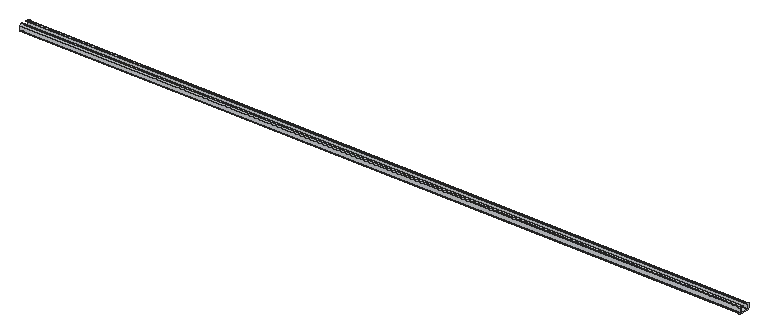
Revit family "Montageschiene 27- 18-1,25 fbv 2m Langloch 2D", category HLS-Bauteile, Revit 2023
Family settings
  Bemaßung runder Anschluss = Durchmesser verwenden
  Teiletyp = Normal
  Arbeitsebenenbasiert = Ja
  Immer vertikal = Nein
  Beim Laden mit Abzugskörper schneiden = Nein
  Beschriftungsausrichtung beibehalten = Nein
  Gemeinsam genutzt = Ja
  Raumberechnungspunkt = Nein
Parameters (values of type "Profil  27- 18-1,25 fbv L=2000")
  vpe = "20"
  Widerstandsmoment Wz = "0.67 cm³"
  Widerstandsmoment Wy = "0.31 cm³"
  Default Elevation = 1219.2 mm
  Trägheitsradius iz = "1.15 cm"
  Trägheitsradius iy = "0.65 cm"
  Torsionswiderstandsmoment Wt = " cm³"
  Stärke = 1.25 mm
  Streckgrenze = "250 N/mm²"
  Schwerpunktabstand ez = "1.35 cm"
  Schwerpunktabstand eu = "0.95 cm"
  Schwerpunktabstand eo = "0.85 cm"
  Schlitzbreite = "14.0 mm"
  Regelhalter [instance] = ""
  Profiltyp = "27/18"
  Profil = "C-Profil"
  Oberflaeche = "feuerbandverzinkt"
  Montagelänge [instance] = 2000 mm
  Mengeneinheit = "m"
  Materialname = "S250"
  Material = "Stahl"
  Länge = 2000 mm
  Lochdurchmesser = " mm"
  Langloch = "10.5 x 38.5 mm"
  Kurztext2 = "27 / 18 / 1,25 mm L= 2 m fbv"
  Kurztext1 = "Montageschiene C-Profil"
  Höhe = "18 mm"
  Gewicht pro Stück [instance] = (Gewicht * Montagelänge / (1000 mm * 1000 mm)) * 1000 mm  # 1.20 kg
  Gewicht pro Bauteil [instance] = Gewicht pro Stück  # 1.20 kg
  Gewicht = 0.60 kg
  Gesamtlänge [instance] = Montagelänge  # 2000 mm
  Gesamtgewicht [instance] = Gewicht pro Bauteil  # 1.20 kg
  Fläche (schwächster Profilquerschnitt) = 0.000068 m²
  Firma = "MEFA Befestigungs- und Montagesysteme GmbH"
  Fabrikat = "MEFA"
  Erweiterung Langloch = " mm"
  EAN = "4250928424259"
  Bund = "800 m"
  Breite = 27 mm
  Artikelnummer = "1240013"
  Anzahl Langloch [instance] = Montagelänge / 52.5 mm  # 38
  Abmessung = "27/18/1.25 mm"
Reference planes
  plane 1 "Mitte (Vorne/hinten)": y = 0
  plane 2: z = 0
  plane 3 "Mitte (Links/rechts)": x = 0
  plane 4: x = 2000
Forms (mm)
  Extrusion 1, solid, detail levels fine
    sketch origin (0, 0, 0) x (0, 1, 0) y (0, 0, 1)
      loop
        line (-11, 0) -> (11, 0)
        arc (11, 0) -> (12.768, 0.732) -> (13.5, 2.5) r 2.5
        line (13.5, 2.5) -> (13.5, 15.465)
        arc (13.5, 15.465) -> (12.758, 17.258) -> (10.965, 18) r 2.535
        line (10.965, 18) -> (7, 18) -> (7, 16.75) -> (11, 16.75)
        arc (11, 16.75) -> (11.884, 16.384) -> (12.25, 15.5) r 1.25
        line (12.25, 15.5) -> (12.25, 2.5)
        arc (12.25, 2.5) -> (11.884, 1.616) -> (11, 1.25) r 1.25
        line (11, 1.25) -> (-11, 1.25)
        arc (-11, 1.25) -> (-11.884, 1.616) -> (-12.25, 2.5) r 1.25
        line (-12.25, 2.5) -> (-12.25, 15.5)
        arc (-12.25, 15.5) -> (-11.884, 16.384) -> (-11, 16.75) r 1.25
        line (-11, 16.75) -> (-7, 16.75) -> (-7, 18) -> (-10.965, 18)
        arc (-10.965, 18) -> (-12.758, 17.258) -> (-13.5, 15.465) r 2.535
        line (-13.5, 15.465) -> (-13.5, 2.5)
        arc (-13.5, 2.5) -> (-12.768, 0.732) -> (-11, 0) r 2.5
    from 0 to 2000
  Extrusion 2, solid, detail levels medium
    sketch origin (0, 0, 0) x (0, 1, 0) y (0, 0, 1)
      loop
        line (-13.5, 0) -> (13.5, 0) -> (13.5, 18) -> (7, 18) -> (7, 16.75) -> (12.25, 16.75) -> (12.25, 1.25) -> (-12.25, 1.25) -> (-12.25, 16.75) -> (-7, 16.75) -> (-7, 18) -> (-13.5, 18) -> (-13.5, 0)
    from 0 to 2000
  Extrusion 3, solid, detail levels coarse
    sketch origin (0, 0, 0) x (0, 1, 0) y (0, 0, 1)
      loop
        line (-13.5, 0) -> (13.5, 0) -> (13.5, 18) -> (-13.5, 18) -> (-13.5, 0)
    from 0 to 2000
Dimensions and locks
  "Montagelänge": plane 4 to plane 3 "Mitte (Links/rechts)"
  equal spacing: group 1, group 2, group 3, group 4, group 5, group 6, group 7, group 8, group 9, group 10, group 11, group 12, group 13, group 14, group 15, group 16, group 17, group 18, group 19, group 20, group 21, group 22, group 23, group 24, group 25, group 26, group 27, group 28, group 29, group 30, group 31, group 32, group 33, group 34, group 35, group 36, group 37, group 38  (x3)
  aligned and locked: level to plane 2
  aligned and locked: plane 4 to Extrusion 1
  aligned and locked: Extrusion 1 to plane 3 "Mitte (Links/rechts)"
  aligned and locked: Extrusion 1 to plane 4
  aligned and locked: plane 3 "Mitte (Links/rechts)" to Extrusion 1
  aligned and locked: plane 4 to Extrusion 3
  aligned and locked: Extrusion 3 to plane 3 "Mitte (Links/rechts)"
  aligned and locked: plane 4 to Extrusion 2
  aligned and locked: Extrusion 2 to plane 3 "Mitte (Links/rechts)"
  aligned and locked: Extrusion 3 to plane 4
  aligned and locked: plane 3 "Mitte (Links/rechts)" to Extrusion 3
  aligned and locked: nested 1 to plane 1 "Mitte (Vorne/hinten)"
Automatic sketch dimensions
  Extrusion 1 sketch curve to Extrusion 1 sketch curve = 0 mm  (x4)
  Extrusion 1 sketch curve to level = 0 mm
  level to Extrusion 1 sketch curve = 2.5 mm
  Extrusion 1 sketch curve to Extrusion 1 sketch curve = 1.25 mm  (x3)
  Extrusion 1 sketch curve to Extrusion 1 sketch curve = 0.035 mm  (x4)
  Extrusion 1 sketch curve to Extrusion 1 sketch curve = 3.965 mm  (x2)
  Extrusion 1 sketch curve to plane 1 "Mitte (Vorne/hinten)" = 7 mm
  Extrusion 1 sketch curve to plane 1 "Mitte (Vorne/hinten)" = 11 mm
  Extrusion 1 sketch curve to Extrusion 1 sketch curve = 12.965 mm  (x2)
  plane 1 "Mitte (Vorne/hinten)" to Extrusion 1 sketch curve = 7 mm
  plane 1 "Mitte (Vorne/hinten)" to Extrusion 2 sketch curve = 13.5 mm
  Extrusion 2 sketch curve to Extrusion 2 sketch curve = 6.5 mm
  Extrusion 2 sketch curve to plane 1 "Mitte (Vorne/hinten)" = 7 mm
  level to Extrusion 2 sketch curve = 1.25 mm
  Extrusion 2 sketch curve to Extrusion 2 sketch curve = 1.25 mm  (x4)
  Extrusion 2 sketch curve to Extrusion 2 sketch curve = 5.25 mm
  Extrusion 2 sketch curve to Extrusion 2 sketch curve = 0 mm
  Extrusion 2 sketch curve to Extrusion 2 sketch curve = 15.5 mm
  Extrusion 2 sketch curve to level = 0 mm
  Extrusion 3 sketch curve to level = 0 mm
  plane 1 "Mitte (Vorne/hinten)" to Extrusion 3 sketch curve = 13.5 mm
  Extrusion 3 sketch curve to Extrusion 3 sketch curve = 18 mm
  Extrusion 3 sketch curve to Extrusion 3 sketch curve = 27 mm
Nested families
  nested 1: "Langloch 10,5 x 38,5 2D" at (26.25, 0, 0) x (1, 0, 0) z (0, 0, -1), type "Langloch 10,5 x 38,5 2D", detail levels fine
  nested 2: "Langloch 10,5 x 38,5 2D" at (78.75, 0, 0) x (1, 0, 0) z (0, 0, -1), type "Langloch 10,5 x 38,5 2D", detail levels fine
  nested 3: "Langloch 10,5 x 38,5 2D" at (131.25, 0, 0) x (1, 0, 0) z (0, 0, -1), type "Langloch 10,5 x 38,5 2D", detail levels fine
  nested 4: "Langloch 10,5 x 38,5 2D" at (183.75, 0, 0) x (1, 0, 0) z (0, 0, -1), type "Langloch 10,5 x 38,5 2D", detail levels fine
  nested 5: "Langloch 10,5 x 38,5 2D" at (236.25, 0, 0) x (1, 0, 0) z (0, 0, -1), type "Langloch 10,5 x 38,5 2D", detail levels fine
  nested 6: "Langloch 10,5 x 38,5 2D" at (288.75, 0, 0) x (1, 0, 0) z (0, 0, -1), type "Langloch 10,5 x 38,5 2D", detail levels fine
  nested 7: "Langloch 10,5 x 38,5 2D" at (341.25, 0, 0) x (1, 0, 0) z (0, 0, -1), type "Langloch 10,5 x 38,5 2D", detail levels fine
  nested 8: "Langloch 10,5 x 38,5 2D" at (393.75, 0, 0) x (1, 0, 0) z (0, 0, -1), type "Langloch 10,5 x 38,5 2D", detail levels fine
  nested 9: "Langloch 10,5 x 38,5 2D" at (446.25, 0, 0) x (1, 0, 0) z (0, 0, -1), type "Langloch 10,5 x 38,5 2D", detail levels fine
  nested 10: "Langloch 10,5 x 38,5 2D" at (498.75, 0, 0) x (1, 0, 0) z (0, 0, -1), type "Langloch 10,5 x 38,5 2D", detail levels fine
  nested 11: "Langloch 10,5 x 38,5 2D" at (551.25, 0, 0) x (1, 0, 0) z (0, 0, -1), type "Langloch 10,5 x 38,5 2D", detail levels fine
  nested 12: "Langloch 10,5 x 38,5 2D" at (603.75, 0, 0) x (1, 0, 0) z (0, 0, -1), type "Langloch 10,5 x 38,5 2D", detail levels fine
  nested 13: "Langloch 10,5 x 38,5 2D" at (656.25, 0, 0) x (1, 0, 0) z (0, 0, -1), type "Langloch 10,5 x 38,5 2D", detail levels fine
  nested 14: "Langloch 10,5 x 38,5 2D" at (708.75, 0, 0) x (1, 0, 0) z (0, 0, -1), type "Langloch 10,5 x 38,5 2D", detail levels fine
  nested 15: "Langloch 10,5 x 38,5 2D" at (761.25, 0, 0) x (1, 0, 0) z (0, 0, -1), type "Langloch 10,5 x 38,5 2D", detail levels fine
  nested 16: "Langloch 10,5 x 38,5 2D" at (813.75, 0, 0) x (1, 0, 0) z (0, 0, -1), type "Langloch 10,5 x 38,5 2D", detail levels fine
  nested 17: "Langloch 10,5 x 38,5 2D" at (866.25, 0, 0) x (1, 0, 0) z (0, 0, -1), type "Langloch 10,5 x 38,5 2D", detail levels fine
  nested 18: "Langloch 10,5 x 38,5 2D" at (918.75, 0, 0) x (1, 0, 0) z (0, 0, -1), type "Langloch 10,5 x 38,5 2D", detail levels fine
  nested 19: "Langloch 10,5 x 38,5 2D" at (971.25, 0, 0) x (1, 0, 0) z (0, 0, -1), type "Langloch 10,5 x 38,5 2D", detail levels fine
  nested 20: "Langloch 10,5 x 38,5 2D" at (1023.75, 0, 0) x (1, 0, 0) z (0, 0, -1), type "Langloch 10,5 x 38,5 2D", detail levels fine
  nested 21: "Langloch 10,5 x 38,5 2D" at (1076.25, 0, 0) x (1, 0, 0) z (0, 0, -1), type "Langloch 10,5 x 38,5 2D", detail levels fine
  nested 22: "Langloch 10,5 x 38,5 2D" at (1128.75, 0, 0) x (1, 0, 0) z (0, 0, -1), type "Langloch 10,5 x 38,5 2D", detail levels fine
  nested 23: "Langloch 10,5 x 38,5 2D" at (1181.25, 0, 0) x (1, 0, 0) z (0, 0, -1), type "Langloch 10,5 x 38,5 2D", detail levels fine
  nested 24: "Langloch 10,5 x 38,5 2D" at (1233.75, 0, 0) x (1, 0, 0) z (0, 0, -1), type "Langloch 10,5 x 38,5 2D", detail levels fine
  nested 25: "Langloch 10,5 x 38,5 2D" at (1286.25, 0, 0) x (1, 0, 0) z (0, 0, -1), type "Langloch 10,5 x 38,5 2D", detail levels fine
  nested 26: "Langloch 10,5 x 38,5 2D" at (1338.75, 0, 0) x (1, 0, 0) z (0, 0, -1), type "Langloch 10,5 x 38,5 2D", detail levels fine
  nested 27: "Langloch 10,5 x 38,5 2D" at (1391.25, 0, 0) x (1, 0, 0) z (0, 0, -1), type "Langloch 10,5 x 38,5 2D", detail levels fine
  nested 28: "Langloch 10,5 x 38,5 2D" at (1443.75, 0, 0) x (1, 0, 0) z (0, 0, -1), type "Langloch 10,5 x 38,5 2D", detail levels fine
  nested 29: "Langloch 10,5 x 38,5 2D" at (1496.25, 0, 0) x (1, 0, 0) z (0, 0, -1), type "Langloch 10,5 x 38,5 2D", detail levels fine
  nested 30: "Langloch 10,5 x 38,5 2D" at (1548.75, 0, 0) x (1, 0, 0) z (0, 0, -1), type "Langloch 10,5 x 38,5 2D", detail levels fine
  nested 31: "Langloch 10,5 x 38,5 2D" at (1601.25, 0, 0) x (1, 0, 0) z (0, 0, -1), type "Langloch 10,5 x 38,5 2D", detail levels fine
  nested 32: "Langloch 10,5 x 38,5 2D" at (1653.75, 0, 0) x (1, 0, 0) z (0, 0, -1), type "Langloch 10,5 x 38,5 2D", detail levels fine
  nested 33: "Langloch 10,5 x 38,5 2D" at (1706.25, 0, 0) x (1, 0, 0) z (0, 0, -1), type "Langloch 10,5 x 38,5 2D", detail levels fine
  nested 34: "Langloch 10,5 x 38,5 2D" at (1758.75, 0, 0) x (1, 0, 0) z (0, 0, -1), type "Langloch 10,5 x 38,5 2D", detail levels fine
  nested 35: "Langloch 10,5 x 38,5 2D" at (1811.25, 0, 0) x (1, 0, 0) z (0, 0, -1), type "Langloch 10,5 x 38,5 2D", detail levels fine
  nested 36: "Langloch 10,5 x 38,5 2D" at (1863.75, 0, 0) x (1, 0, 0) z (0, 0, -1), type "Langloch 10,5 x 38,5 2D", detail levels fine
  nested 37: "Langloch 10,5 x 38,5 2D" at (1916.25, 0, 0) x (1, 0, 0) z (0, 0, -1), type "Langloch 10,5 x 38,5 2D", detail levels fine
  nested 38: "Langloch 10,5 x 38,5 2D" at (1968.75, 0, 0) x (1, 0, 0) z (0, 0, -1), type "Langloch 10,5 x 38,5 2D", detail levels fine
Definition of nested family "Langloch 10,5 x 38,5 2D"
  Parameters (values of type "Langloch 10,5 x 38,5 2D")
    Default Elevation = 1219.2 mm
  Reference planes
    plane 1 "Mitte (Vorne/hinten)": y = 0
    plane 2: z = 0
    plane 3 "Mitte (Links/rechts)": x = 0
  Forms (mm)
    Extrusion 1, solid
      sketch origin (0, 0, 0) x (1, 0, 0) y (0, 1, 0)
        loop
          line (-1219.2, 1219.2) -> (-1219.2, -1219.2) -> (1219.2, -1219.2) -> (1219.2, 1219.2) -> (-1219.2, 1219.2)
      from 0 to -304.8
  Lines and regions (mm)
    model lines
      curve 1: arc (-14, 5.25, 0) -> (-19.25, 0, 0) -> (-14, -5.25, 0) r 5.25
      curve 2: line (-14, 5.25, 0) -> (14, 5.25, 0)
      curve 3: line (-14, -5.25, 0) -> (14, -5.25, 0)
      curve 4: arc (14, 5.25, 0) -> (19.25, 0, 0) -> (14, -5.25, 0) r 5.25
      curve 5: line (-14, 7, 0) -> (-14, -7, 0)
      curve 6: line (14, 5.25, 0) -> (14, -5.25, 0)
      curve 7: line (-20.702, 0, 0) -> (20.705, 0, 0)
      curve 10: line (14, 7, 0) -> (14, -7, 0)
    model lines, detail levels fine
      curve 8: line (-14, 0, 10) -> (-14, 0, -10)
      curve 9: line (14, 0, 10) -> (14, 0, -10)
  Dimensions and locks
    aligned and locked: plane 2 to Extrusion 1
    aligned and locked: level to Extrusion 1
